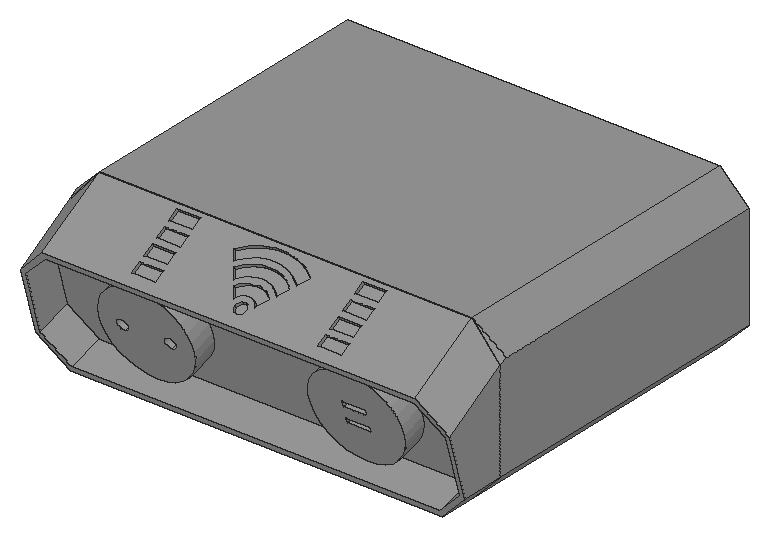
Revit family "26344 Зарядное устройство и точка доступа Wi-Fi «Валли» 2xUSB и 1x220V Хоббика", category Антураж, Revit 2018
Family settings
  На основе рабочей плоскости = Нет
  Всегда вертикально = Да
  При загрузке вырезать с полостями = Нет
  Источник визуального образа = Геометрия семейства
  Общий = Нет
  Точка расчета площади = Нет
Parameters (values of type "Зарядное устройство и точка доступа Wi-Fi «Валли» 2xUSB и 1x220V")
  Ширина = 160 mm  # constant formula
  Цвет отделки = Оранжевый
  Цвет каркаса = Серый
  Описание = "Зарядное устройство и точка доступа Wi-Fi «Валли» 2xUSB и 1x220V"  # constant formula
  Материал изделия = "Сталь"  # constant formula
  Изображение типоразмера = Зарядное устройство и точка доступа Wi-Fi «Валли» 2xUSB и 1x220V Арт 26344.jpg
  Изготовитель = "ООО «Хоббика»"  # constant formula
  Длина = 180 mm  # constant formula
  Группа модели = "Умная городская мебель"  # constant formula
  Высота = 68 mm  # constant formula
  Артикул товара = "Арт. 26344"  # constant formula
  URL = "https://hobbyka.ru/product/zaryadnoe_ustroystvo_i_tochka_dostupa_wifi_valli_2x_usb_i_1x220v"
Reference planes
  plane 1 "По центру (Вперед/Назад)": y = 0
  plane 2: z = 0
  plane 3 "По центру (Влево/Вправо)": x = 0
  plane 4: y = 160
  plane 5: x = 180
  plane 6: z = 68
Forms (mm)
  Extrusion 1, solid, material "Серый" <- "Цвет каркаса"
    sketch origin (0, -1.201, 0) x (1, 0, 0) y (0, 1, 0)
      loop
        line (0, 161.201) -> (0, 31.201) -> (180, 31.201) -> (180, 161.201) -> (0, 161.201)
    from 0 to 68
  Extrusion 2, solid, material "Оранжевый" <- "Цвет отделки"
    sketch origin (0, -131.201, 0) x (1, 0, 0) y (0, 1, 0)
      loop
        line (0, 161.201) -> (0, 131.201) -> (180, 131.201) -> (180, 161.201) -> (0, 161.201)
    from 0 to 68
  Extrusion 3, void
    sketch origin (0, 0, 0) x (1, 0, 0) y (0, 0, 1)
      loop
        line (180, 0) -> (180, 12) -> (168, 0) -> (180, 0)
      loop
        line (0, 0) -> (12, 0) -> (0, 12) -> (0, 0)
    from 0 to -160
  Sweep 4, void
    path origin (0, 0, 0) x (0, 1, 0) y (0, 0, 1)
      loop
        line (160, 68) -> (30, 68) -> (-13.301, 43)
    profile origin (0, 95, 68) x (0, 0, -1) y (1, 0, 0)
      loop
        line (0, 12) -> (0, 168) -> (12, 180) -> (-20, 180) -> (-20, 0) -> (12, 0) -> (0, 12)
  Extrusion 5, void
    sketch origin (0, 0, 0) x (0, 1, 0) y (0, 0, 1)
      loop
        line (0, 50.679) -> (0, 0) -> (15, 0) -> (0, 50.679)
    from 0 to 250
  Extrusion 6, void
    sketch origin (0, 15, 0) x (0, 0.283807, -0.958881) y (-1, 0, 0)
      loop
        line (-39.699, -2) -> (-50.853, -12.845) -> (-50.853, -167.155) -> (-39.699, -178) -> (-13.319, -178) -> (-2, -167.147) -> (-2, -12.853) -> (-13.319, -2) -> (-39.699, -2)
    from 0 to 15
  Extrusion 7, solid, material "Розетки"
    sketch origin (0, 29.383, 4.257) x (0, -0.283807, 0.958881) y (-1, 0, 0)
      loop
        circle (26.426, -46) r 20
      loop
        circle (26.426, -134) r 20
      loop
        circle (26.426, -36) r 2.5
      loop
        circle (26.426, -56) r 2.5
      loop
        line (28.926, -129) -> (28.926, -139) -> (31.426, -139) -> (31.426, -129) -> (28.926, -129)
      loop
        line (23.926, -129) -> (21.426, -129) -> (21.426, -139) -> (23.926, -139) -> (23.926, -129)
    from 0 to 10
  Extrusion 8, void
    sketch origin (168, 30, 68) x (1, 0, 0) y (0, -0.866025, -0.5)
      loop
        circle (-78, 27.108) r 2.5
      loop
        arc (-73.495, 24.939) -> (-78, 22.108) -> (-82.505, 24.939) r 5
        line (-82.505, 24.939) -> (-85.52, 20.516)
        arc (-85.52, 20.516) -> (-78, 17.108) -> (-70.48, 20.516) r 10
        line (-70.48, 20.516) -> (-73.495, 24.939)
      loop
        line (-86.964, 18.397) -> (-89.822, 14.205)
        arc (-89.822, 14.205) -> (-78, 9.608) -> (-66.178, 14.205) r 17.5
        line (-66.178, 14.205) -> (-69.036, 18.397)
        arc (-69.036, 18.397) -> (-78, 14.608) -> (-86.964, 18.397) r 12.5
      loop
        line (-91.243, 12.121) -> (-94.077, 7.963)
        arc (-94.077, 7.963) -> (-78, 2.108) -> (-61.923, 7.963) r 25
        line (-61.923, 7.963) -> (-64.757, 12.121)
        arc (-64.757, 12.121) -> (-78, 7.108) -> (-91.243, 12.121) r 20
      loop
        line (-44, 2.108) -> (-34, 2.108) -> (-34, 7.108) -> (-44, 7.108) -> (-44, 2.108)
      loop
        line (-44, 29.608) -> (-44, 24.608) -> (-34, 24.608) -> (-34, 29.608) -> (-44, 29.608)
      loop
        line (-44, 14.608) -> (-44, 9.608) -> (-34, 9.608) -> (-34, 14.608) -> (-44, 14.608)
      loop
        line (-44, 17.108) -> (-34, 17.108) -> (-34, 22.108) -> (-44, 22.108) -> (-44, 17.108)
      loop
        line (-112, 2.108) -> (-112, 7.108) -> (-122, 7.108) -> (-122, 2.108) -> (-112, 2.108)
      loop
        line (-112, 29.608) -> (-122, 29.608) -> (-122, 24.608) -> (-112, 24.608) -> (-112, 29.608)
      loop
        line (-112, 14.608) -> (-122, 14.608) -> (-122, 9.608) -> (-112, 9.608) -> (-112, 14.608)
      loop
        line (-112, 17.108) -> (-112, 22.108) -> (-122, 22.108) -> (-122, 17.108) -> (-112, 17.108)
    from 0 to 2
  Extrusion 9, solid, material "Логотип"
    sketch origin (168, 30, 68) x (-1, 0, 0) y (0, -0.866025, -0.5)
      loop
        line (44, 24.608) -> (44, 29.608) -> (34, 29.608) -> (34, 24.608) -> (44, 24.608)
      loop
        line (44, 17.108) -> (44, 22.108) -> (34, 22.108) -> (34, 17.108) -> (44, 17.108)
      loop
        line (44, 9.608) -> (44, 14.608) -> (34, 14.608) -> (34, 9.608) -> (44, 9.608)
      loop
        line (44, 2.108) -> (44, 7.108) -> (34, 7.108) -> (34, 2.108) -> (44, 2.108)
      loop
        line (94.077, 7.963) -> (91.243, 12.121)
        arc (91.243, 12.121) -> (78, 7.108) -> (64.757, 12.121) r 20
        line (64.757, 12.121) -> (61.923, 7.963)
        arc (61.923, 7.963) -> (78, 2.108) -> (94.077, 7.963) r 25
      loop
        line (89.822, 14.205) -> (86.964, 18.397)
        arc (86.964, 18.397) -> (78, 14.608) -> (69.036, 18.397) r 12.5
        line (69.036, 18.397) -> (66.178, 14.205)
        arc (66.178, 14.205) -> (78, 9.608) -> (89.822, 14.205) r 17.5
      loop
        line (85.52, 20.516) -> (82.505, 24.939)
        arc (82.505, 24.939) -> (78, 22.108) -> (73.495, 24.939) r 5
        line (73.495, 24.939) -> (70.48, 20.516)
        arc (70.48, 20.516) -> (78, 17.108) -> (85.52, 20.516) r 10
      loop
        circle (78, 27.108) r 2.5
      loop
        line (122, 2.108) -> (122, 7.108) -> (112, 7.108) -> (112, 2.108) -> (122, 2.108)
      loop
        line (122, 9.608) -> (122, 14.608) -> (112, 14.608) -> (112, 9.608) -> (122, 9.608)
      loop
        line (122, 17.108) -> (122, 22.108) -> (112, 22.108) -> (112, 17.108) -> (122, 17.108)
      loop
        line (122, 24.608) -> (122, 29.608) -> (112, 29.608) -> (112, 24.608) -> (122, 24.608)
    from -2 to -1
Cuts and joins
  Extrusion 3, Sweep 4, Extrusion 5, Extrusion 6, Extrusion 8 cuts Extrusion 2
  Extrusion 3, Sweep 4, Extrusion 6, Extrusion 8 cuts Extrusion 1
Dimensions and locks
  "Длина": plane 3 "По центру (Влево/Вправо)" to plane 5
  "Ширина": plane 4 to plane 1 "По центру (Вперед/Назад)"
  "Высота": plane 6 to plane 2
  aligned and locked: level to plane 2
Automatic sketch dimensions
  Extrusion 1 sketch curve to plane 3 "По центру (Влево/Вправо)" = 0 mm
  Extrusion 1 sketch curve to plane 5 = 0 mm
  Extrusion 1 sketch curve to plane 4 = 0 mm
  Extrusion 1 sketch curve to plane 1 "По центру (Вперед/Назад)" = 30 mm
  Extrusion 2 sketch curve to plane 3 "По центру (Влево/Вправо)" = 0 mm
  Extrusion 2 sketch curve to plane 5 = 0 mm
  plane 1 "По центру (Вперед/Назад)" to Extrusion 2 sketch curve = 0 mm
  Extrusion 2 sketch curve to plane 1 "По центру (Вперед/Назад)" = 30 mm
  Extrusion 3 sketch curve to plane 3 "По центру (Влево/Вправо)" = 0 mm
  Extrusion 3 sketch curve to level = 0 mm  (x2)
  Extrusion 3 sketch curve to plane 5 = 0 mm
  Extrusion 3 sketch curve to Extrusion 3 sketch curve = 12 mm  (x2)
  level to Extrusion 3 sketch curve = 12 mm
  plane 3 "По центру (Влево/Вправо)" to Extrusion 3 sketch curve = 12 mm
  Sweep 4 sketch curve to plane 3 "По центру (Влево/Вправо)" = 0 mm
  Sweep 4 sketch curve to profile plane = 0 mm
  profile plane to Sweep 4 sketch curve = 20 mm
  Sweep 4 sketch curve to profile plane = 12 mm  (x2)
  plane 3 "По центру (Влево/Вправо)" to Sweep 4 sketch curve = 12 mm
  Sweep 4 sketch curve to Sweep 4 sketch curve = 156 mm
  Sweep 4 sketch curve to Sweep 4 sketch curve = 12 mm
  Sweep 4 sketch curve to plane 6 = 0 mm
  Sweep 4 sketch curve to plane 4 = 0 mm
  Sweep 4 sketch curve to plane 1 "По центру (Вперед/Назад)" = 30 mm
  plane 1 "По центру (Вперед/Назад)" to Sweep 4 sketch curve = 13.301 mm
  Sweep 4 sketch curve to plane 6 = 25 mm
  Extrusion 5 sketch curve to level = 0 mm
  Extrusion 5 sketch curve to plane 1 "По центру (Вперед/Назад)" = 0 mm
  Extrusion 5 sketch curve to plane 1 "По центру (Вперед/Назад)" = 15 mm
  Extrusion 5 sketch curve to plane 6 = 17.321 mm
  Extrusion 5 to Extrusion 6 sketch curve = 2 mm
  Extrusion 6 sketch curve to Extrusion 5 = 2 mm  (x2)
  Extrusion 5 to Extrusion 6 sketch curve = 13.154 mm  (x2)
  Extrusion 6 sketch curve to Extrusion 5 = 13.319 mm  (x2)
  Extrusion 6 sketch curve to Extrusion 5 = 12.853 mm
  Extrusion 6 sketch curve to Extrusion 5 = 12.845 mm
  Extrusion 6 sketch curve to Extrusion 5 = 82.845 mm
  Extrusion 6 sketch curve to Extrusion 6 sketch curve = 0.008 mm
  Extrusion 6 sketch curve to Extrusion 6 sketch curve = 10.853 mm
  Extrusion 7 sketch curve to Extrusion 6 = 39 mm  (x2)
  Extrusion 7 sketch curve to Extrusion 6 = 24.426 mm
  Extrusion 7 sketch curve to Extrusion 7 sketch curve = 0 mm  (x2)
  Extrusion 7 sketch curve to Extrusion 6 = 54 mm
  Extrusion 7 sketch curve to Extrusion 7 sketch curve = 10 mm  (x3)
  Extrusion 7 sketch curve to Extrusion 7 sketch curve = 2.5 mm  (x3)
  Extrusion 7 sketch curve to Extrusion 7 sketch curve = 73 mm
  Extrusion 7 sketch curve to Extrusion 7 sketch curve = 5 mm  (x2)
  Extrusion 7 sketch curve to Extrusion 6 = 19.426 mm
  Extrusion 8 sketch curve to Extrusion 8 sketch curve = 0 mm  (x23)
  Extrusion 8 sketch curve to Sweep 4 = 34 mm
  Extrusion 8 sketch curve to Sweep 4 = 7.108 mm
  Extrusion 8 sketch curve to Extrusion 8 sketch curve = 10 mm  (x3)
  Extrusion 8 sketch curve to Sweep 4 = 7.963 mm  (x2)
  Extrusion 8 sketch curve to Extrusion 8 sketch curve = 17.923 mm  (x2)
  Extrusion 8 sketch curve to Sweep 4 = 12.121 mm  (x2)
  Extrusion 8 sketch curve to Extrusion 8 sketch curve = 2.834 mm
  Extrusion 8 sketch curve to Sweep 4 = 14.205 mm  (x2)
  Extrusion 8 sketch curve to Extrusion 8 sketch curve = 1.421 mm
  Extrusion 8 sketch curve to Sweep 4 = 18.397 mm  (x2)
  Extrusion 8 sketch curve to Extrusion 8 sketch curve = 2.857 mm
  Extrusion 8 sketch curve to Sweep 4 = 20.516 mm  (x2)
  Extrusion 8 sketch curve to Extrusion 8 sketch curve = 1.445 mm
  Extrusion 8 sketch curve to Sweep 4 = 24.939 mm  (x2)
  Extrusion 8 sketch curve to Extrusion 8 sketch curve = 3.015 mm
  Extrusion 8 sketch curve to Extrusion 8 sketch curve = 4.505 mm
  Extrusion 8 sketch curve to Sweep 4 = 2.108 mm  (x2)
  Extrusion 8 sketch curve to Extrusion 8 sketch curve = 5 mm  (x7)
  Extrusion 8 sketch curve to Extrusion 8 sketch curve = 2.5 mm  (x6)
  Extrusion 8 sketch curve to Extrusion 8 sketch curve = 2.17 mm
  Extrusion 9 sketch curve to Sweep 4 = 34 mm
  Extrusion 9 sketch curve to Extrusion 9 sketch curve = 10 mm  (x2)
  Sweep 4 to Extrusion 9 sketch curve = 24.608 mm
  Extrusion 9 sketch curve to Extrusion 9 sketch curve = 5 mm  (x6)
  Extrusion 9 sketch curve to Extrusion 9 sketch curve = 0 mm  (x24)
  Extrusion 9 sketch curve to Extrusion 9 sketch curve = 2.5 mm  (x7)
  Extrusion 9 sketch curve to Extrusion 9 sketch curve = 7.5 mm
  Sweep 4 to Extrusion 9 sketch curve = 2.108 mm  (x2)
  Sweep 4 to Extrusion 9 sketch curve = 7.963 mm  (x2)
  Extrusion 9 sketch curve to Extrusion 9 sketch curve = 17.923 mm  (x2)
  Sweep 4 to Extrusion 9 sketch curve = 12.121 mm  (x2)
  Extrusion 9 sketch curve to Extrusion 9 sketch curve = 2.834 mm
  Extrusion 9 sketch curve to Extrusion 9 sketch curve = 13.243 mm
  Extrusion 9 sketch curve to Extrusion 9 sketch curve = 14.988 mm
  Sweep 4 to Extrusion 9 sketch curve = 14.205 mm  (x2)
  Extrusion 9 sketch curve to Extrusion 9 sketch curve = 1.421 mm
  Sweep 4 to Extrusion 9 sketch curve = 18.397 mm  (x2)
  Extrusion 9 sketch curve to Extrusion 9 sketch curve = 2.857 mm
  Sweep 4 to Extrusion 9 sketch curve = 20.516 mm  (x2)
  Extrusion 9 sketch curve to Extrusion 9 sketch curve = 1.445 mm
  Sweep 4 to Extrusion 9 sketch curve = 24.939 mm  (x2)
  Extrusion 9 sketch curve to Extrusion 9 sketch curve = 4.505 mm
  radius of Extrusion 7 sketch curve = 20 mm  (x2)
  radius of Extrusion 7 sketch curve = 2.5 mm  (x2)
  radius of Extrusion 8 sketch curve = 2.5 mm
